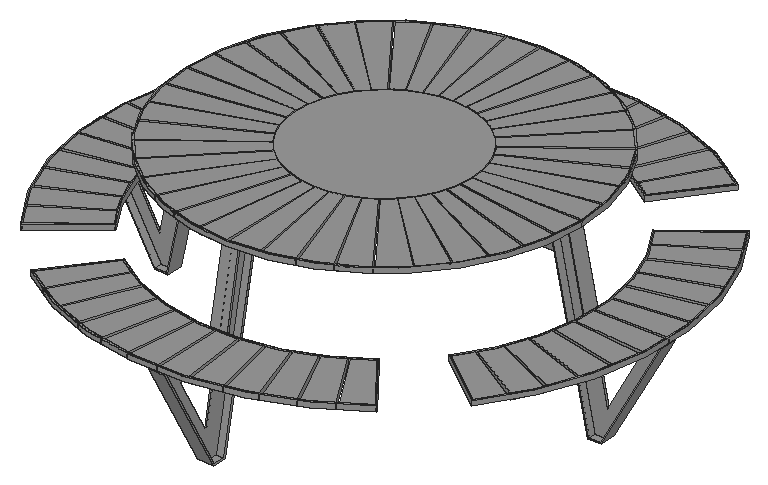
Revit family "Комплект мебели «Ландау» Арт 13994", category Антураж, Revit 2018
Family settings
  На основе рабочей плоскости = Нет
  Всегда вертикально = Да
  При загрузке вырезать с полостями = Нет
  Источник визуального образа = Геометрия семейства
  Общий = Нет
  Точка расчета площади = Нет
Parameters (values of type "Комплект мебели «Ландау»")
  Ширина лавки = 300 mm  # constant formula
  Ширина = 2280 mm  # constant formula
  Цвет отделки = Дерево
  Цвет каркаса = Сталь
  Описание = "Комплект мебели «Ландау»"  # constant formula
  Материал изделия = "Сталь, дерево"  # constant formula
  Изображение типоразмера = Комплект мебели «Ландау» Арт 13994.jpg
  Изготовитель = "ООО «Хоббика»"  # constant formula
  Длина = 2280 mm  # constant formula
  Диаметр стола = 1585 mm  # constant formula
  Диаметр лавки = 2280 mm  # constant formula
  Группа модели = "Садовая и дачная мебель"  # constant formula
  Высота лавки = 450 mm  # constant formula
  Высота = 750 mm  # constant formula
  Артикул товара = "Арт. 13994"  # constant formula
  URL = "https://hobbyka.ru/product/komplekt_mebeli_landau/"
Reference planes
  plane 1 "По центру (Вперед/Назад)": y = 0
  plane 2: z = 0
  plane 3 "По центру (Влево/Вправо)": x = 0
  plane 4: y = 2280
  plane 5: z = 750
  plane 6: x = 2280
Forms (mm)
  Extrusion 1, solid, material "Сталь" <- "Цвет каркаса"
    sketch origin (0, 0, 0) x (1, 0, 0) y (0, 1, 0)
      loop
        circle (1140, 1140) r 792.5
      loop
        circle (1140, 1140) r 787.5
      loop
        circle (1140, 1140) r 350
    from 730 to 750
  Extrusion 2, solid, material "Дерево" <- "Цвет отделки"
    sketch origin (0, 0, 0) x (1, 0, 0) y (0, 1, 0)
      loop
        arc (790, 1140) -> (790.933, 1165.533) -> (793.725, 1190.93) r 350
        line (793.725, 1190.93) -> (360.882, 1254.592)
        arc (360.882, 1254.592) -> (354.598, 1197.449) -> (352.5, 1140) r 787.5
        line (352.5, 1140) -> (790, 1140)
      loop
        arc (794.295, 1194.664) -> (799.204, 1219.738) -> (805.929, 1244.387) r 350
        line (805.929, 1244.387) -> (388.341, 1374.871)
        arc (388.341, 1374.871) -> (373.209, 1319.411) -> (362.164, 1262.994) r 787.5
        line (362.164, 1262.994) -> (794.295, 1194.664)
    from 730 to 750
  Extrusion 3, solid, material "Дерево", not visible
    sketch origin (0, 0, 0) x (1, 0, 0) y (0, 1, 0)
      loop
        arc (790, 1140) -> (790.933, 1165.533) -> (793.725, 1190.93) r 350
        line (793.725, 1190.93) -> (360.882, 1254.592)
        arc (360.882, 1254.592) -> (354.598, 1197.449) -> (352.5, 1140) r 787.5
        line (352.5, 1140) -> (790, 1140)
      loop
        arc (794.295, 1194.664) -> (799.204, 1219.738) -> (805.929, 1244.387) r 350
        line (805.929, 1244.387) -> (388.341, 1374.871)
        arc (388.341, 1374.871) -> (373.209, 1319.411) -> (362.164, 1262.994) r 787.5
        line (362.164, 1262.994) -> (794.295, 1194.664)
    from 0 to 250
  Extrusion 4, solid, material "Дерево" <- "Цвет отделки"
    sketch origin (-296.111, 407.345, 0) x (0.951214, -0.308533, 0) y (0.308533, 0.951214, 0)
      loop
        arc (790, 1140) -> (790.933, 1165.533) -> (793.725, 1190.93) r 350
        line (793.725, 1190.93) -> (360.882, 1254.592)
        arc (360.882, 1254.592) -> (354.598, 1197.449) -> (352.5, 1140) r 787.5
        line (352.5, 1140) -> (790, 1140)
      loop
        arc (794.295, 1194.664) -> (799.204, 1219.738) -> (805.929, 1244.387) r 350
        line (805.929, 1244.387) -> (388.341, 1374.871)
        arc (388.341, 1374.871) -> (373.209, 1319.411) -> (362.164, 1262.994) r 787.5
        line (362.164, 1262.994) -> (794.295, 1194.664)
    from 730 to 750
  Extrusion 5, solid, material "Дерево" <- "Цвет отделки"
    sketch origin (-452.097, 886.177, 0) x (0.809614, -0.586962, 0) y (0.586962, 0.809614, 0)
      loop
        arc (790, 1140) -> (790.933, 1165.533) -> (793.725, 1190.93) r 350
        line (793.725, 1190.93) -> (360.882, 1254.592)
        arc (360.882, 1254.592) -> (354.598, 1197.449) -> (352.5, 1140) r 787.5
        line (352.5, 1140) -> (790, 1140)
      loop
        arc (794.295, 1194.664) -> (799.204, 1219.738) -> (805.929, 1244.387) r 350
        line (805.929, 1244.387) -> (388.341, 1374.871)
        arc (388.341, 1374.871) -> (373.209, 1319.411) -> (362.164, 1262.994) r 787.5
        line (362.164, 1262.994) -> (794.295, 1194.664)
    from 730 to 750
  Extrusion 6, solid, material "Дерево" <- "Цвет отделки"
    sketch origin (-452.737, 1389.775, 0) x (0.589019, -0.808119, 0) y (0.808119, 0.589019, 0)
      loop
        arc (790, 1140) -> (790.933, 1165.533) -> (793.725, 1190.93) r 350
        line (793.725, 1190.93) -> (360.882, 1254.592)
        arc (360.882, 1254.592) -> (354.598, 1197.449) -> (352.5, 1140) r 787.5
        line (352.5, 1140) -> (790, 1140)
      loop
        arc (794.295, 1194.664) -> (799.204, 1219.738) -> (805.929, 1244.387) r 350
        line (805.929, 1244.387) -> (388.341, 1374.871)
        arc (388.341, 1374.871) -> (373.209, 1319.411) -> (362.164, 1262.994) r 787.5
        line (362.164, 1262.994) -> (794.295, 1194.664)
    from 730 to 750
  Extrusion 7, solid, material "Дерево" <- "Цвет отделки"
    sketch origin (-297.969, 1869.002, 0) x (0.310951, -0.950426, 0) y (0.950426, 0.310951, 0)
      loop
        arc (790, 1140) -> (790.933, 1165.533) -> (793.725, 1190.93) r 350
        line (793.725, 1190.93) -> (360.882, 1254.592)
        arc (360.882, 1254.592) -> (354.598, 1197.449) -> (352.5, 1140) r 787.5
        line (352.5, 1140) -> (790, 1140)
      loop
        arc (794.295, 1194.664) -> (799.204, 1219.738) -> (805.929, 1244.387) r 350
        line (805.929, 1244.387) -> (388.341, 1374.871)
        arc (388.341, 1374.871) -> (373.209, 1319.411) -> (362.164, 1262.994) r 787.5
        line (362.164, 1262.994) -> (794.295, 1194.664)
    from 730 to 750
  Extrusion 8, solid, material "Дерево" <- "Цвет отделки"
    sketch origin (0, 2280, 0) x (0, -1, 0) y (1, 0, 0)
      loop
        arc (790, 1140) -> (790.933, 1165.533) -> (793.725, 1190.93) r 350
        line (793.725, 1190.93) -> (360.882, 1254.592)
        arc (360.882, 1254.592) -> (354.598, 1197.449) -> (352.5, 1140) r 787.5
        line (352.5, 1140) -> (790, 1140)
      loop
        arc (794.295, 1194.664) -> (799.204, 1219.738) -> (805.929, 1244.387) r 350
        line (805.929, 1244.387) -> (388.341, 1374.871)
        arc (388.341, 1374.871) -> (373.209, 1319.411) -> (362.164, 1262.994) r 787.5
        line (362.164, 1262.994) -> (794.295, 1194.664)
    from 730 to 750
  Extrusion 9, solid, material "Дерево" <- "Цвет отделки"
    sketch origin (407.345, 2576.111, 0) x (-0.308533, -0.951214, 0) y (0.951214, -0.308533, 0)
      loop
        arc (790, 1140) -> (790.933, 1165.533) -> (793.725, 1190.93) r 350
        line (793.725, 1190.93) -> (360.882, 1254.592)
        arc (360.882, 1254.592) -> (354.598, 1197.449) -> (352.5, 1140) r 787.5
        line (352.5, 1140) -> (790, 1140)
      loop
        arc (794.295, 1194.664) -> (799.204, 1219.738) -> (805.929, 1244.387) r 350
        line (805.929, 1244.387) -> (388.341, 1374.871)
        arc (388.341, 1374.871) -> (373.209, 1319.411) -> (362.164, 1262.994) r 787.5
        line (362.164, 1262.994) -> (794.295, 1194.664)
    from 730 to 750
  Extrusion 10, solid, material "Дерево" <- "Цвет отделки"
    sketch origin (886.177, 2732.097, 0) x (-0.586962, -0.809614, 0) y (0.809614, -0.586962, 0)
      loop
        arc (790, 1140) -> (790.933, 1165.533) -> (793.725, 1190.93) r 350
        line (793.725, 1190.93) -> (360.882, 1254.592)
        arc (360.882, 1254.592) -> (354.598, 1197.449) -> (352.5, 1140) r 787.5
        line (352.5, 1140) -> (790, 1140)
      loop
        arc (794.295, 1194.664) -> (799.204, 1219.738) -> (805.929, 1244.387) r 350
        line (805.929, 1244.387) -> (388.341, 1374.871)
        arc (388.341, 1374.871) -> (373.209, 1319.411) -> (362.164, 1262.994) r 787.5
        line (362.164, 1262.994) -> (794.295, 1194.664)
    from 730 to 750
  Extrusion 11, solid, material "Дерево" <- "Цвет отделки"
    sketch origin (1389.775, 2732.737, 0) x (-0.808119, -0.589019, 0) y (0.589019, -0.808119, 0)
      loop
        arc (790, 1140) -> (790.933, 1165.533) -> (793.725, 1190.93) r 350
        line (793.725, 1190.93) -> (360.882, 1254.592)
        arc (360.882, 1254.592) -> (354.598, 1197.449) -> (352.5, 1140) r 787.5
        line (352.5, 1140) -> (790, 1140)
      loop
        arc (794.295, 1194.664) -> (799.204, 1219.738) -> (805.929, 1244.387) r 350
        line (805.929, 1244.387) -> (388.341, 1374.871)
        arc (388.341, 1374.871) -> (373.209, 1319.411) -> (362.164, 1262.994) r 787.5
        line (362.164, 1262.994) -> (794.295, 1194.664)
    from 730 to 750
  Extrusion 12, solid, material "Дерево" <- "Цвет отделки"
    sketch origin (1869.002, 2577.969, 0) x (-0.950426, -0.310951, 0) y (0.310951, -0.950426, 0)
      loop
        arc (790, 1140) -> (790.933, 1165.533) -> (793.725, 1190.93) r 350
        line (793.725, 1190.93) -> (360.882, 1254.592)
        arc (360.882, 1254.592) -> (354.598, 1197.449) -> (352.5, 1140) r 787.5
        line (352.5, 1140) -> (790, 1140)
      loop
        arc (794.295, 1194.664) -> (799.204, 1219.738) -> (805.929, 1244.387) r 350
        line (805.929, 1244.387) -> (388.341, 1374.871)
        arc (388.341, 1374.871) -> (373.209, 1319.411) -> (362.164, 1262.994) r 787.5
        line (362.164, 1262.994) -> (794.295, 1194.664)
    from 730 to 750
  Extrusion 13, solid, material "Дерево" <- "Цвет отделки"
    sketch origin (2280, 2280, 0) x (-1, 0, 0) y (0, -1, 0)
      loop
        arc (790, 1140) -> (790.933, 1165.533) -> (793.725, 1190.93) r 350
        line (793.725, 1190.93) -> (360.882, 1254.592)
        arc (360.882, 1254.592) -> (354.598, 1197.449) -> (352.5, 1140) r 787.5
        line (352.5, 1140) -> (790, 1140)
      loop
        arc (794.295, 1194.664) -> (799.204, 1219.738) -> (805.929, 1244.387) r 350
        line (805.929, 1244.387) -> (388.341, 1374.871)
        arc (388.341, 1374.871) -> (373.209, 1319.411) -> (362.164, 1262.994) r 787.5
        line (362.164, 1262.994) -> (794.295, 1194.664)
    from 730 to 750
  Extrusion 14, solid, material "Дерево" <- "Цвет отделки"
    sketch origin (2576.111, 1872.655, 0) x (-0.951214, 0.308533, 0) y (-0.308533, -0.951214, 0)
      loop
        arc (790, 1140) -> (790.933, 1165.533) -> (793.725, 1190.93) r 350
        line (793.725, 1190.93) -> (360.882, 1254.592)
        arc (360.882, 1254.592) -> (354.598, 1197.449) -> (352.5, 1140) r 787.5
        line (352.5, 1140) -> (790, 1140)
      loop
        arc (794.295, 1194.664) -> (799.204, 1219.738) -> (805.929, 1244.387) r 350
        line (805.929, 1244.387) -> (388.341, 1374.871)
        arc (388.341, 1374.871) -> (373.209, 1319.411) -> (362.164, 1262.994) r 787.5
        line (362.164, 1262.994) -> (794.295, 1194.664)
    from 730 to 750
  Extrusion 15, solid, material "Дерево" <- "Цвет отделки"
    sketch origin (2732.097, 1393.823, 0) x (-0.809614, 0.586962, 0) y (-0.586962, -0.809614, 0)
      loop
        arc (790, 1140) -> (790.933, 1165.533) -> (793.725, 1190.93) r 350
        line (793.725, 1190.93) -> (360.882, 1254.592)
        arc (360.882, 1254.592) -> (354.598, 1197.449) -> (352.5, 1140) r 787.5
        line (352.5, 1140) -> (790, 1140)
      loop
        arc (794.295, 1194.664) -> (799.204, 1219.738) -> (805.929, 1244.387) r 350
        line (805.929, 1244.387) -> (388.341, 1374.871)
        arc (388.341, 1374.871) -> (373.209, 1319.411) -> (362.164, 1262.994) r 787.5
        line (362.164, 1262.994) -> (794.295, 1194.664)
    from 730 to 750
  Extrusion 16, solid, material "Дерево" <- "Цвет отделки"
    sketch origin (2732.737, 890.225, 0) x (-0.589019, 0.808119, 0) y (-0.808119, -0.589019, 0)
      loop
        arc (790, 1140) -> (790.933, 1165.533) -> (793.725, 1190.93) r 350
        line (793.725, 1190.93) -> (360.882, 1254.592)
        arc (360.882, 1254.592) -> (354.598, 1197.449) -> (352.5, 1140) r 787.5
        line (352.5, 1140) -> (790, 1140)
      loop
        arc (794.295, 1194.664) -> (799.204, 1219.738) -> (805.929, 1244.387) r 350
        line (805.929, 1244.387) -> (388.341, 1374.871)
        arc (388.341, 1374.871) -> (373.209, 1319.411) -> (362.164, 1262.994) r 787.5
        line (362.164, 1262.994) -> (794.295, 1194.664)
    from 730 to 750
  Extrusion 17, solid, material "Дерево" <- "Цвет отделки"
    sketch origin (2577.969, 410.998, 0) x (-0.310951, 0.950426, 0) y (-0.950426, -0.310951, 0)
      loop
        arc (790, 1140) -> (790.933, 1165.533) -> (793.725, 1190.93) r 350
        line (793.725, 1190.93) -> (360.882, 1254.592)
        arc (360.882, 1254.592) -> (354.598, 1197.449) -> (352.5, 1140) r 787.5
        line (352.5, 1140) -> (790, 1140)
      loop
        arc (794.295, 1194.664) -> (799.204, 1219.738) -> (805.929, 1244.387) r 350
        line (805.929, 1244.387) -> (388.341, 1374.871)
        arc (388.341, 1374.871) -> (373.209, 1319.411) -> (362.164, 1262.994) r 787.5
        line (362.164, 1262.994) -> (794.295, 1194.664)
    from 730 to 750
  Extrusion 18, solid, material "Дерево" <- "Цвет отделки"
    sketch origin (2280, 0, 0) x (0, 1, 0) y (-1, 0, 0)
      loop
        arc (790, 1140) -> (790.933, 1165.533) -> (793.725, 1190.93) r 350
        line (793.725, 1190.93) -> (360.882, 1254.592)
        arc (360.882, 1254.592) -> (354.598, 1197.449) -> (352.5, 1140) r 787.5
        line (352.5, 1140) -> (790, 1140)
      loop
        arc (794.295, 1194.664) -> (799.204, 1219.738) -> (805.929, 1244.387) r 350
        line (805.929, 1244.387) -> (388.341, 1374.871)
        arc (388.341, 1374.871) -> (373.209, 1319.411) -> (362.164, 1262.994) r 787.5
        line (362.164, 1262.994) -> (794.295, 1194.664)
    from 730 to 750
  Extrusion 19, solid, material "Дерево" <- "Цвет отделки"
    sketch origin (1872.655, -296.111, 0) x (0.308533, 0.951214, 0) y (-0.951214, 0.308533, 0)
      loop
        arc (790, 1140) -> (790.933, 1165.533) -> (793.725, 1190.93) r 350
        line (793.725, 1190.93) -> (360.882, 1254.592)
        arc (360.882, 1254.592) -> (354.598, 1197.449) -> (352.5, 1140) r 787.5
        line (352.5, 1140) -> (790, 1140)
      loop
        arc (794.295, 1194.664) -> (799.204, 1219.738) -> (805.929, 1244.387) r 350
        line (805.929, 1244.387) -> (388.341, 1374.871)
        arc (388.341, 1374.871) -> (373.209, 1319.411) -> (362.164, 1262.994) r 787.5
        line (362.164, 1262.994) -> (794.295, 1194.664)
    from 730 to 750
  Extrusion 20, solid, material "Дерево" <- "Цвет отделки"
    sketch origin (1393.823, -452.097, 0) x (0.586962, 0.809614, 0) y (-0.809614, 0.586962, 0)
      loop
        arc (790, 1140) -> (790.933, 1165.533) -> (793.725, 1190.93) r 350
        line (793.725, 1190.93) -> (360.882, 1254.592)
        arc (360.882, 1254.592) -> (354.598, 1197.449) -> (352.5, 1140) r 787.5
        line (352.5, 1140) -> (790, 1140)
      loop
        arc (794.295, 1194.664) -> (799.204, 1219.738) -> (805.929, 1244.387) r 350
        line (805.929, 1244.387) -> (388.341, 1374.871)
        arc (388.341, 1374.871) -> (373.209, 1319.411) -> (362.164, 1262.994) r 787.5
        line (362.164, 1262.994) -> (794.295, 1194.664)
    from 730 to 750
  Extrusion 21, solid, material "Дерево" <- "Цвет отделки"
    sketch origin (890.225, -452.737, 0) x (0.808119, 0.589019, 0) y (-0.589019, 0.808119, 0)
      loop
        arc (790, 1140) -> (790.933, 1165.533) -> (793.725, 1190.93) r 350
        line (793.725, 1190.93) -> (360.882, 1254.592)
        arc (360.882, 1254.592) -> (354.598, 1197.449) -> (352.5, 1140) r 787.5
        line (352.5, 1140) -> (790, 1140)
      loop
        arc (794.295, 1194.664) -> (799.204, 1219.738) -> (805.929, 1244.387) r 350
        line (805.929, 1244.387) -> (388.341, 1374.871)
        arc (388.341, 1374.871) -> (373.209, 1319.411) -> (362.164, 1262.994) r 787.5
        line (362.164, 1262.994) -> (794.295, 1194.664)
    from 730 to 750
  Extrusion 22, solid, material "Дерево" <- "Цвет отделки"
    sketch origin (410.998, -297.969, 0) x (0.950426, 0.310951, 0) y (-0.310951, 0.950426, 0)
      loop
        arc (790, 1140) -> (790.933, 1165.533) -> (793.725, 1190.93) r 350
        line (793.725, 1190.93) -> (360.882, 1254.592)
        arc (360.882, 1254.592) -> (354.598, 1197.449) -> (352.5, 1140) r 787.5
        line (352.5, 1140) -> (790, 1140)
      loop
        arc (794.295, 1194.664) -> (799.204, 1219.738) -> (805.929, 1244.387) r 350
        line (805.929, 1244.387) -> (388.341, 1374.871)
        arc (388.341, 1374.871) -> (373.209, 1319.411) -> (362.164, 1262.994) r 787.5
        line (362.164, 1262.994) -> (794.295, 1194.664)
    from 730 to 750
  Extrusion 23, solid, material "Сталь" <- "Цвет каркаса"
    sketch origin (0, 0, 0) x (0, 1, 0) y (0, 0, 1)
      loop
        line (1140, 730) -> (1140, 695.119) -> (1851.807, 632.844) -> (1985.26, 5) -> (2033.298, 5) -> (2274.252, 430) -> (1966.487, 430) -> (1902.72, 730) -> (1140, 730)
      loop
        line (1989.712, 344.786) -> (2038.454, 115.472) -> (2168.463, 344.786) -> (1989.712, 344.786)
    from 1137.5 to 1142.5
  Extrusion 24, solid, material "Сталь" <- "Цвет каркаса"
    sketch origin (0, 0, 0) x (0, 1, 0) y (0, 0, 1)
      loop
        line (2280, 430) -> (2274.252, 430) -> (2033.298, 5) -> (1985.26, 5) -> (1831.156, 730) -> (1826.045, 730) -> (1981.211, 0) -> (2036.211, 0) -> (2280, 430)
      loop
        line (1907.832, 730) -> (1902.72, 730) -> (1966.487, 430) -> (1971.599, 430) -> (1907.832, 730)
    from 1107.5 to 1172.5
  Extrusion 25, solid, material "Сталь" <- "Цвет каркаса"
    sketch origin (0, 0, 0) x (1, 0, 0) y (0, 1, 0)
      loop
        arc (1833.988, 2044.423) -> (1140, 2280) -> (446.012, 2044.423) r 1140
        line (446.012, 2044.423) -> (628.64, 1806.417)
        arc (628.64, 1806.417) -> (1140, 1980) -> (1651.36, 1806.417) r 840
        line (1651.36, 1806.417) -> (1833.988, 2044.423)
      loop
        arc (1826.971, 2043.491) -> (1140, 2275) -> (453.029, 2043.491) r 1135
        line (453.029, 2043.491) -> (629.572, 1813.416)
        arc (629.572, 1813.416) -> (1140, 1985) -> (1650.428, 1813.416) r 845
        line (1650.428, 1813.416) -> (1826.971, 2043.491)
    from 430 to 450
  Extrusion 26, solid, material "Дерево" <- "Цвет отделки"
    sketch origin (0, 0, 0) x (1, 0, 0) y (0, 1, 0)
      loop
        line (453.029, 2043.491) -> (629.572, 1813.416)
        arc (629.572, 1813.416) -> (663.406, 1837.77) -> (698.399, 1860.426) r 845
        line (698.399, 1860.426) -> (545.382, 2106.775)
        arc (545.382, 2106.775) -> (498.425, 2076.272) -> (453.029, 2043.491) r 1135
      loop
        arc (705.983, 1865.02) -> (742.269, 1885.543) -> (779.522, 1904.252) r 845
        line (779.522, 1904.252) -> (654.257, 2165.806)
        arc (654.257, 2165.806) -> (604.256, 2140.601) -> (555.559, 2112.961) r 1135
        line (555.559, 2112.961) -> (705.983, 1865.02)
      loop
        arc (787.562, 1907.992) -> (825.867, 1924.44) -> (864.938, 1938.978) r 845
        line (864.938, 1938.978) -> (768.915, 2212.623)
        arc (768.915, 2212.623) -> (716.466, 2193.017) -> (665.047, 2170.847) r 1135
        line (665.047, 2170.847) -> (787.562, 1907.992)
      loop
        arc (873.336, 1941.82) -> (913.206, 1953.996) -> (953.628, 1964.191) r 845
        line (953.628, 1964.191) -> (887.992, 2246.669)
        arc (887.992, 2246.669) -> (833.719, 2232.894) -> (780.191, 2216.458) r 1135
        line (780.191, 2216.458) -> (873.336, 1941.82)
      loop
        arc (962.286, 1966.101) -> (1003.245, 1973.86) -> (1044.537, 1979.59) r 845
        line (1044.537, 1979.59) -> (1010.07, 2267.539)
        arc (1010.07, 2267.539) -> (954.619, 2259.758) -> (899.619, 2249.253) r 1135
        line (899.619, 2249.253) -> (962.286, 1966.101)
      loop
        arc (1053.352, 1980.546) -> (1094.913, 1983.796) -> (1136.583, 1984.993) r 845
        line (1136.583, 1984.993) -> (1133.694, 2274.982)
        arc (1133.694, 2274.982) -> (1077.726, 2273.29) -> (1021.908, 2268.84) r 1135
        line (1021.908, 2268.84) -> (1053.352, 1980.546)
      loop
        arc (1145.45, 1984.982) -> (1187.117, 1983.685) -> (1228.67, 1980.335) r 845
        line (1228.67, 1980.335) -> (1257.394, 2268.913)
        arc (1257.394, 2268.913) -> (1201.574, 2273.329) -> (1145.604, 2274.986) r 1135
        line (1145.604, 2274.986) -> (1145.45, 1984.982)
      loop
        arc (1237.483, 1979.358) -> (1278.76, 1973.529) -> (1319.7, 1965.671) r 845
        line (1319.7, 1965.671) -> (1379.696, 2249.401)
        arc (1379.696, 2249.401) -> (1324.689, 2259.873) -> (1269.233, 2267.619) r 1135
        line (1269.233, 2267.619) -> (1237.483, 1979.358)
      loop
        arc (1328.355, 1963.74) -> (1368.751, 1953.448) -> (1408.592, 1941.176) r 845
        line (1408.592, 1941.176) -> (1499.144, 2216.68)
        arc (1499.144, 2216.68) -> (1445.606, 2233.083) -> (1391.324, 2246.825) r 1135
        line (1391.324, 2246.825) -> (1328.355, 1963.74)
      loop
        arc (1416.984, 1938.314) -> (1456.019, 1923.682) -> (1494.285, 1907.142) r 845
        line (1494.285, 1907.142) -> (1614.315, 2171.14)
        arc (1614.315, 2171.14) -> (1562.883, 2193.278) -> (1510.422, 2212.853) r 1135
        line (1510.422, 2212.853) -> (1416.984, 1938.314)
      loop
        arc (1502.315, 1903.382) -> (1539.524, 1884.584) -> (1575.76, 1863.974) r 845
        line (1575.76, 1863.974) -> (1723.84, 2113.322)
        arc (1723.84, 2113.322) -> (1675.126, 2140.932) -> (1625.109, 2166.106) r 1135
        line (1625.109, 2166.106) -> (1502.315, 1903.382)
      loop
        arc (1583.333, 1859.362) -> (1617.433, 1837.196) -> (1650.428, 1813.416) r 845
        line (1650.428, 1813.416) -> (1826.971, 2043.491)
        arc (1826.971, 2043.491) -> (1781.286, 2076.471) -> (1734.021, 2107.142) r 1135
        line (1734.021, 2107.142) -> (1583.333, 1859.362)
    from 430 to 450
  Extrusion 27, solid, material "Сталь" <- "Цвет каркаса"
    sketch origin (2280, 2280, 0) x (0, -1, 0) y (0, 0, 1)
      loop
        line (1140, 730) -> (1140, 695.119) -> (1851.807, 632.844) -> (1985.26, 5) -> (2033.298, 5) -> (2274.252, 430) -> (1966.487, 430) -> (1902.72, 730) -> (1140, 730)
      loop
        line (1989.712, 344.786) -> (2038.454, 115.472) -> (2168.463, 344.786) -> (1989.712, 344.786)
    from 1137.5 to 1142.5
  Extrusion 28, solid, material "Сталь" <- "Цвет каркаса"
    sketch origin (2280, 2280, 0) x (0, -1, 0) y (0, 0, 1)
      loop
        line (2280, 430) -> (2274.252, 430) -> (2033.298, 5) -> (1985.26, 5) -> (1831.156, 730) -> (1826.045, 730) -> (1981.211, 0) -> (2036.211, 0) -> (2280, 430)
      loop
        line (1907.832, 730) -> (1902.72, 730) -> (1966.487, 430) -> (1971.599, 430) -> (1907.832, 730)
    from 1107.5 to 1172.5
  Extrusion 29, solid, material "Сталь" <- "Цвет каркаса"
    sketch origin (2280, 2280, 0) x (-1, 0, 0) y (0, -1, 0)
      loop
        arc (1833.988, 2044.423) -> (1140, 2280) -> (446.012, 2044.423) r 1140
        line (446.012, 2044.423) -> (628.64, 1806.417)
        arc (628.64, 1806.417) -> (1140, 1980) -> (1651.36, 1806.417) r 840
        line (1651.36, 1806.417) -> (1833.988, 2044.423)
      loop
        arc (1826.971, 2043.491) -> (1140, 2275) -> (453.029, 2043.491) r 1135
        line (453.029, 2043.491) -> (629.572, 1813.416)
        arc (629.572, 1813.416) -> (1140, 1985) -> (1650.428, 1813.416) r 845
        line (1650.428, 1813.416) -> (1826.971, 2043.491)
    from 430 to 450
  Extrusion 30, solid, material "Дерево" <- "Цвет отделки"
    sketch origin (2280, 2280, 0) x (-1, 0, 0) y (0, -1, 0)
      loop
        line (453.029, 2043.491) -> (629.572, 1813.416)
        arc (629.572, 1813.416) -> (663.406, 1837.77) -> (698.399, 1860.426) r 845
        line (698.399, 1860.426) -> (545.382, 2106.775)
        arc (545.382, 2106.775) -> (498.425, 2076.272) -> (453.029, 2043.491) r 1135
      loop
        arc (705.983, 1865.02) -> (742.269, 1885.543) -> (779.522, 1904.252) r 845
        line (779.522, 1904.252) -> (654.257, 2165.806)
        arc (654.257, 2165.806) -> (604.256, 2140.601) -> (555.559, 2112.961) r 1135
        line (555.559, 2112.961) -> (705.983, 1865.02)
      loop
        arc (787.562, 1907.992) -> (825.867, 1924.44) -> (864.938, 1938.978) r 845
        line (864.938, 1938.978) -> (768.915, 2212.623)
        arc (768.915, 2212.623) -> (716.466, 2193.017) -> (665.047, 2170.847) r 1135
        line (665.047, 2170.847) -> (787.562, 1907.992)
      loop
        arc (873.336, 1941.82) -> (913.206, 1953.996) -> (953.628, 1964.191) r 845
        line (953.628, 1964.191) -> (887.992, 2246.669)
        arc (887.992, 2246.669) -> (833.719, 2232.894) -> (780.191, 2216.458) r 1135
        line (780.191, 2216.458) -> (873.336, 1941.82)
      loop
        arc (962.286, 1966.101) -> (1003.245, 1973.86) -> (1044.537, 1979.59) r 845
        line (1044.537, 1979.59) -> (1010.07, 2267.539)
        arc (1010.07, 2267.539) -> (954.619, 2259.758) -> (899.619, 2249.253) r 1135
        line (899.619, 2249.253) -> (962.286, 1966.101)
      loop
        arc (1053.352, 1980.546) -> (1094.913, 1983.796) -> (1136.583, 1984.993) r 845
        line (1136.583, 1984.993) -> (1133.694, 2274.982)
        arc (1133.694, 2274.982) -> (1077.726, 2273.29) -> (1021.908, 2268.84) r 1135
        line (1021.908, 2268.84) -> (1053.352, 1980.546)
      loop
        arc (1145.45, 1984.982) -> (1187.117, 1983.685) -> (1228.67, 1980.335) r 845
        line (1228.67, 1980.335) -> (1257.394, 2268.913)
        arc (1257.394, 2268.913) -> (1201.574, 2273.329) -> (1145.604, 2274.986) r 1135
        line (1145.604, 2274.986) -> (1145.45, 1984.982)
      loop
        arc (1237.483, 1979.358) -> (1278.76, 1973.529) -> (1319.7, 1965.671) r 845
        line (1319.7, 1965.671) -> (1379.696, 2249.401)
        arc (1379.696, 2249.401) -> (1324.689, 2259.873) -> (1269.233, 2267.619) r 1135
        line (1269.233, 2267.619) -> (1237.483, 1979.358)
      loop
        arc (1328.355, 1963.74) -> (1368.751, 1953.448) -> (1408.592, 1941.176) r 845
        line (1408.592, 1941.176) -> (1499.144, 2216.68)
        arc (1499.144, 2216.68) -> (1445.606, 2233.083) -> (1391.324, 2246.825) r 1135
        line (1391.324, 2246.825) -> (1328.355, 1963.74)
      loop
        arc (1416.984, 1938.314) -> (1456.019, 1923.682) -> (1494.285, 1907.142) r 845
        line (1494.285, 1907.142) -> (1614.315, 2171.14)
        arc (1614.315, 2171.14) -> (1562.883, 2193.278) -> (1510.422, 2212.853) r 1135
        line (1510.422, 2212.853) -> (1416.984, 1938.314)
      loop
        arc (1502.315, 1903.382) -> (1539.524, 1884.584) -> (1575.76, 1863.974) r 845
        line (1575.76, 1863.974) -> (1723.84, 2113.322)
        arc (1723.84, 2113.322) -> (1675.126, 2140.932) -> (1625.109, 2166.106) r 1135
        line (1625.109, 2166.106) -> (1502.315, 1903.382)
      loop
        arc (1583.333, 1859.362) -> (1617.433, 1837.196) -> (1650.428, 1813.416) r 845
        line (1650.428, 1813.416) -> (1826.971, 2043.491)
        arc (1826.971, 2043.491) -> (1781.286, 2076.471) -> (1734.021, 2107.142) r 1135
        line (1734.021, 2107.142) -> (1583.333, 1859.362)
    from 430 to 450
  Extrusion 31, solid, material "Сталь" <- "Цвет каркаса"
    sketch origin (0, 2280, 0) x (1, 0, 0) y (0, 0, 1)
      loop
        line (1140, 730) -> (1140, 695.119) -> (1851.807, 632.844) -> (1985.26, 5) -> (2033.298, 5) -> (2274.252, 430) -> (1966.487, 430) -> (1902.72, 730) -> (1140, 730)
      loop
        line (1989.712, 344.786) -> (2038.454, 115.472) -> (2168.463, 344.786) -> (1989.712, 344.786)
    from 1137.5 to 1142.5
  Extrusion 32, solid, material "Сталь" <- "Цвет каркаса"
    sketch origin (0, 2280, 0) x (1, 0, 0) y (0, 0, 1)
      loop
        line (2280, 430) -> (2274.252, 430) -> (2033.298, 5) -> (1985.26, 5) -> (1831.156, 730) -> (1826.045, 730) -> (1981.211, 0) -> (2036.211, 0) -> (2280, 430)
      loop
        line (1907.832, 730) -> (1902.72, 730) -> (1966.487, 430) -> (1971.599, 430) -> (1907.832, 730)
    from 1107.5 to 1172.5
  Extrusion 33, solid, material "Сталь" <- "Цвет каркаса"
    sketch origin (0, 2280, 0) x (0, -1, 0) y (1, 0, 0)
      loop
        arc (1833.988, 2044.423) -> (1140, 2280) -> (446.012, 2044.423) r 1140
        line (446.012, 2044.423) -> (628.64, 1806.417)
        arc (628.64, 1806.417) -> (1140, 1980) -> (1651.36, 1806.417) r 840
        line (1651.36, 1806.417) -> (1833.988, 2044.423)
      loop
        arc (1826.971, 2043.491) -> (1140, 2275) -> (453.029, 2043.491) r 1135
        line (453.029, 2043.491) -> (629.572, 1813.416)
        arc (629.572, 1813.416) -> (1140, 1985) -> (1650.428, 1813.416) r 845
        line (1650.428, 1813.416) -> (1826.971, 2043.491)
    from 430 to 450
  Extrusion 34, solid, material "Дерево" <- "Цвет отделки"
    sketch origin (0, 2280, 0) x (0, -1, 0) y (1, 0, 0)
      loop
        line (453.029, 2043.491) -> (629.572, 1813.416)
        arc (629.572, 1813.416) -> (663.406, 1837.77) -> (698.399, 1860.426) r 845
        line (698.399, 1860.426) -> (545.382, 2106.775)
        arc (545.382, 2106.775) -> (498.425, 2076.272) -> (453.029, 2043.491) r 1135
      loop
        arc (705.983, 1865.02) -> (742.269, 1885.543) -> (779.522, 1904.252) r 845
        line (779.522, 1904.252) -> (654.257, 2165.806)
        arc (654.257, 2165.806) -> (604.256, 2140.601) -> (555.559, 2112.961) r 1135
        line (555.559, 2112.961) -> (705.983, 1865.02)
      loop
        arc (787.562, 1907.992) -> (825.867, 1924.44) -> (864.938, 1938.978) r 845
        line (864.938, 1938.978) -> (768.915, 2212.623)
        arc (768.915, 2212.623) -> (716.466, 2193.017) -> (665.047, 2170.847) r 1135
        line (665.047, 2170.847) -> (787.562, 1907.992)
      loop
        arc (873.336, 1941.82) -> (913.206, 1953.996) -> (953.628, 1964.191) r 845
        line (953.628, 1964.191) -> (887.992, 2246.669)
        arc (887.992, 2246.669) -> (833.719, 2232.894) -> (780.191, 2216.458) r 1135
        line (780.191, 2216.458) -> (873.336, 1941.82)
      loop
        arc (962.286, 1966.101) -> (1003.245, 1973.86) -> (1044.537, 1979.59) r 845
        line (1044.537, 1979.59) -> (1010.07, 2267.539)
        arc (1010.07, 2267.539) -> (954.619, 2259.758) -> (899.619, 2249.253) r 1135
        line (899.619, 2249.253) -> (962.286, 1966.101)
      loop
        arc (1053.352, 1980.546) -> (1094.913, 1983.796) -> (1136.583, 1984.993) r 845
        line (1136.583, 1984.993) -> (1133.694, 2274.982)
        arc (1133.694, 2274.982) -> (1077.726, 2273.29) -> (1021.908, 2268.84) r 1135
        line (1021.908, 2268.84) -> (1053.352, 1980.546)
      loop
        arc (1145.45, 1984.982) -> (1187.117, 1983.685) -> (1228.67, 1980.335) r 845
        line (1228.67, 1980.335) -> (1257.394, 2268.913)
        arc (1257.394, 2268.913) -> (1201.574, 2273.329) -> (1145.604, 2274.986) r 1135
        line (1145.604, 2274.986) -> (1145.45, 1984.982)
      loop
        arc (1237.483, 1979.358) -> (1278.76, 1973.529) -> (1319.7, 1965.671) r 845
        line (1319.7, 1965.671) -> (1379.696, 2249.401)
        arc (1379.696, 2249.401) -> (1324.689, 2259.873) -> (1269.233, 2267.619) r 1135
        line (1269.233, 2267.619) -> (1237.483, 1979.358)
      loop
        arc (1328.355, 1963.74) -> (1368.751, 1953.448) -> (1408.592, 1941.176) r 845
        line (1408.592, 1941.176) -> (1499.144, 2216.68)
        arc (1499.144, 2216.68) -> (1445.606, 2233.083) -> (1391.324, 2246.825) r 1135
        line (1391.324, 2246.825) -> (1328.355, 1963.74)
      loop
        arc (1416.984, 1938.314) -> (1456.019, 1923.682) -> (1494.285, 1907.142) r 845
        line (1494.285, 1907.142) -> (1614.315, 2171.14)
        arc (1614.315, 2171.14) -> (1562.883, 2193.278) -> (1510.422, 2212.853) r 1135
        line (1510.422, 2212.853) -> (1416.984, 1938.314)
      loop
        arc (1502.315, 1903.382) -> (1539.524, 1884.584) -> (1575.76, 1863.974) r 845
        line (1575.76, 1863.974) -> (1723.84, 2113.322)
        arc (1723.84, 2113.322) -> (1675.126, 2140.932) -> (1625.109, 2166.106) r 1135
        line (1625.109, 2166.106) -> (1502.315, 1903.382)
      loop
        arc (1583.333, 1859.362) -> (1617.433, 1837.196) -> (1650.428, 1813.416) r 845
        line (1650.428, 1813.416) -> (1826.971, 2043.491)
        arc (1826.971, 2043.491) -> (1781.286, 2076.471) -> (1734.021, 2107.142) r 1135
        line (1734.021, 2107.142) -> (1583.333, 1859.362)
    from 430 to 450
  Extrusion 35, solid, material "Сталь" <- "Цвет каркаса"
    sketch origin (2280, 0, 0) x (-1, 0, 0) y (0, 0, 1)
      loop
        line (1140, 730) -> (1140, 695.119) -> (1851.807, 632.844) -> (1985.26, 5) -> (2033.298, 5) -> (2274.252, 430) -> (1966.487, 430) -> (1902.72, 730) -> (1140, 730)
      loop
        line (1989.712, 344.786) -> (2038.454, 115.472) -> (2168.463, 344.786) -> (1989.712, 344.786)
    from 1137.5 to 1142.5
  Extrusion 36, solid, material "Сталь" <- "Цвет каркаса"
    sketch origin (2280, 0, 0) x (-1, 0, 0) y (0, 0, 1)
      loop
        line (2280, 430) -> (2274.252, 430) -> (2033.298, 5) -> (1985.26, 5) -> (1831.156, 730) -> (1826.045, 730) -> (1981.211, 0) -> (2036.211, 0) -> (2280, 430)
      loop
        line (1907.832, 730) -> (1902.72, 730) -> (1966.487, 430) -> (1971.599, 430) -> (1907.832, 730)
    from 1107.5 to 1172.5
  Extrusion 37, solid, material "Сталь" <- "Цвет каркаса"
    sketch origin (2280, 0, 0) x (0, 1, 0) y (-1, 0, 0)
      loop
        arc (1833.988, 2044.423) -> (1140, 2280) -> (446.012, 2044.423) r 1140
        line (446.012, 2044.423) -> (628.64, 1806.417)
        arc (628.64, 1806.417) -> (1140, 1980) -> (1651.36, 1806.417) r 840
        line (1651.36, 1806.417) -> (1833.988, 2044.423)
      loop
        arc (1826.971, 2043.491) -> (1140, 2275) -> (453.029, 2043.491) r 1135
        line (453.029, 2043.491) -> (629.572, 1813.416)
        arc (629.572, 1813.416) -> (1140, 1985) -> (1650.428, 1813.416) r 845
        line (1650.428, 1813.416) -> (1826.971, 2043.491)
    from 430 to 450
  Extrusion 38, solid, material "Дерево" <- "Цвет отделки"
    sketch origin (2280, 0, 0) x (0, 1, 0) y (-1, 0, 0)
      loop
        line (453.029, 2043.491) -> (629.572, 1813.416)
        arc (629.572, 1813.416) -> (663.406, 1837.77) -> (698.399, 1860.426) r 845
        line (698.399, 1860.426) -> (545.382, 2106.775)
        arc (545.382, 2106.775) -> (498.425, 2076.272) -> (453.029, 2043.491) r 1135
      loop
        arc (705.983, 1865.02) -> (742.269, 1885.543) -> (779.522, 1904.252) r 845
        line (779.522, 1904.252) -> (654.257, 2165.806)
        arc (654.257, 2165.806) -> (604.256, 2140.601) -> (555.559, 2112.961) r 1135
        line (555.559, 2112.961) -> (705.983, 1865.02)
      loop
        arc (787.562, 1907.992) -> (825.867, 1924.44) -> (864.938, 1938.978) r 845
        line (864.938, 1938.978) -> (768.915, 2212.623)
        arc (768.915, 2212.623) -> (716.466, 2193.017) -> (665.047, 2170.847) r 1135
        line (665.047, 2170.847) -> (787.562, 1907.992)
      loop
        arc (873.336, 1941.82) -> (913.206, 1953.996) -> (953.628, 1964.191) r 845
        line (953.628, 1964.191) -> (887.992, 2246.669)
        arc (887.992, 2246.669) -> (833.719, 2232.894) -> (780.191, 2216.458) r 1135
        line (780.191, 2216.458) -> (873.336, 1941.82)
      loop
        arc (962.286, 1966.101) -> (1003.245, 1973.86) -> (1044.537, 1979.59) r 845
        line (1044.537, 1979.59) -> (1010.07, 2267.539)
        arc (1010.07, 2267.539) -> (954.619, 2259.758) -> (899.619, 2249.253) r 1135
        line (899.619, 2249.253) -> (962.286, 1966.101)
      loop
        arc (1053.352, 1980.546) -> (1094.913, 1983.796) -> (1136.583, 1984.993) r 845
        line (1136.583, 1984.993) -> (1133.694, 2274.982)
        arc (1133.694, 2274.982) -> (1077.726, 2273.29) -> (1021.908, 2268.84) r 1135
        line (1021.908, 2268.84) -> (1053.352, 1980.546)
      loop
        arc (1145.45, 1984.982) -> (1187.117, 1983.685) -> (1228.67, 1980.335) r 845
        line (1228.67, 1980.335) -> (1257.394, 2268.913)
        arc (1257.394, 2268.913) -> (1201.574, 2273.329) -> (1145.604, 2274.986) r 1135
        line (1145.604, 2274.986) -> (1145.45, 1984.982)
      loop
        arc (1237.483, 1979.358) -> (1278.76, 1973.529) -> (1319.7, 1965.671) r 845
        line (1319.7, 1965.671) -> (1379.696, 2249.401)
        arc (1379.696, 2249.401) -> (1324.689, 2259.873) -> (1269.233, 2267.619) r 1135
        line (1269.233, 2267.619) -> (1237.483, 1979.358)
      loop
        arc (1328.355, 1963.74) -> (1368.751, 1953.448) -> (1408.592, 1941.176) r 845
        line (1408.592, 1941.176) -> (1499.144, 2216.68)
        arc (1499.144, 2216.68) -> (1445.606, 2233.083) -> (1391.324, 2246.825) r 1135
        line (1391.324, 2246.825) -> (1328.355, 1963.74)
      loop
        arc (1416.984, 1938.314) -> (1456.019, 1923.682) -> (1494.285, 1907.142) r 845
        line (1494.285, 1907.142) -> (1614.315, 2171.14)
        arc (1614.315, 2171.14) -> (1562.883, 2193.278) -> (1510.422, 2212.853) r 1135
        line (1510.422, 2212.853) -> (1416.984, 1938.314)
      loop
        arc (1502.315, 1903.382) -> (1539.524, 1884.584) -> (1575.76, 1863.974) r 845
        line (1575.76, 1863.974) -> (1723.84, 2113.322)
        arc (1723.84, 2113.322) -> (1675.126, 2140.932) -> (1625.109, 2166.106) r 1135
        line (1625.109, 2166.106) -> (1502.315, 1903.382)
      loop
        arc (1583.333, 1859.362) -> (1617.433, 1837.196) -> (1650.428, 1813.416) r 845
        line (1650.428, 1813.416) -> (1826.971, 2043.491)
        arc (1826.971, 2043.491) -> (1781.286, 2076.471) -> (1734.021, 2107.142) r 1135
        line (1734.021, 2107.142) -> (1583.333, 1859.362)
    from 430 to 450
Dimensions and locks
  "Ширина": plane 4 to plane 1 "По центру (Вперед/Назад)"
  "Высота": plane 5 to plane 2
  "Длина": plane 3 "По центру (Влево/Вправо)" to plane 6
  aligned and locked: level to plane 2
Automatic sketch dimensions
  Extrusion 1 sketch curve to Extrusion 1 sketch curve = 0 mm  (x6)
  plane 3 "По центру (Влево/Вправо)" to Extrusion 1 sketch curve = 1140 mm
  Extrusion 1 sketch curve to plane 1 "По центру (Вперед/Назад)" = 1140 mm
  Extrusion 2 sketch curve to Extrusion 2 sketch curve = 0 mm  (x17)
  Extrusion 2 sketch curve to Extrusion 2 sketch curve = 8.382 mm
  Extrusion 2 sketch curve to Extrusion 2 sketch curve = 1.282 mm
  Extrusion 2 sketch curve to Extrusion 2 sketch curve = 26.176 mm
  Extrusion 2 sketch curve to Extrusion 2 sketch curve = 3.725 mm
  Extrusion 2 sketch curve to Extrusion 2 sketch curve = 0.57 mm
  Extrusion 2 sketch curve to Extrusion 2 sketch curve = 11.634 mm
  Extrusion 2 sketch curve to Extrusion 2 sketch curve = 3.735 mm
  Extrusion 2 sketch curve to Extrusion 2 sketch curve = 49.723 mm
  Extrusion 2 sketch curve to Extrusion 2 sketch curve = 8.403 mm
  Extrusion 2 sketch curve to Extrusion 2 sketch curve = 111.876 mm
  Extrusion 3 sketch curve to Extrusion 3 sketch curve = 0 mm  (x17)
  Extrusion 3 sketch curve to Extrusion 3 sketch curve = 8.382 mm
  Extrusion 3 sketch curve to Extrusion 3 sketch curve = 1.282 mm
  Extrusion 3 sketch curve to Extrusion 3 sketch curve = 26.176 mm
  Extrusion 3 sketch curve to Extrusion 3 sketch curve = 3.725 mm
  Extrusion 3 sketch curve to Extrusion 3 sketch curve = 0.57 mm
  Extrusion 3 sketch curve to Extrusion 3 sketch curve = 11.634 mm
  Extrusion 3 sketch curve to Extrusion 3 sketch curve = 3.735 mm
  Extrusion 3 sketch curve to Extrusion 3 sketch curve = 49.723 mm
  Extrusion 3 sketch curve to Extrusion 3 sketch curve = 8.403 mm
  Extrusion 3 sketch curve to Extrusion 3 sketch curve = 111.876 mm
  Extrusion 4 sketch curve to Extrusion 4 sketch curve = 0 mm  (x17)
  Extrusion 4 sketch curve to Extrusion 4 sketch curve = 8.382 mm
  Extrusion 4 sketch curve to Extrusion 4 sketch curve = 1.282 mm
  Extrusion 4 sketch curve to Extrusion 4 sketch curve = 26.176 mm
  Extrusion 4 sketch curve to Extrusion 4 sketch curve = 3.725 mm
  Extrusion 4 sketch curve to Extrusion 4 sketch curve = 0.57 mm
  Extrusion 4 sketch curve to Extrusion 4 sketch curve = 11.634 mm
  Extrusion 4 sketch curve to Extrusion 4 sketch curve = 3.735 mm
  Extrusion 4 sketch curve to Extrusion 4 sketch curve = 49.723 mm
  Extrusion 4 sketch curve to Extrusion 4 sketch curve = 8.403 mm
  Extrusion 4 sketch curve to Extrusion 4 sketch curve = 111.876 mm
  Extrusion 5 sketch curve to Extrusion 5 sketch curve = 0 mm  (x17)
  Extrusion 5 sketch curve to Extrusion 5 sketch curve = 8.382 mm
  Extrusion 5 sketch curve to Extrusion 5 sketch curve = 1.282 mm
  Extrusion 5 sketch curve to Extrusion 5 sketch curve = 26.176 mm
  Extrusion 5 sketch curve to Extrusion 5 sketch curve = 3.725 mm
  Extrusion 5 sketch curve to Extrusion 5 sketch curve = 0.57 mm
  Extrusion 5 sketch curve to Extrusion 5 sketch curve = 11.634 mm
  Extrusion 5 sketch curve to Extrusion 5 sketch curve = 3.735 mm
  Extrusion 5 sketch curve to Extrusion 5 sketch curve = 49.723 mm
  Extrusion 5 sketch curve to Extrusion 5 sketch curve = 8.403 mm
  Extrusion 5 sketch curve to Extrusion 5 sketch curve = 111.876 mm
  Extrusion 6 sketch curve to Extrusion 6 sketch curve = 0 mm  (x17)
  Extrusion 6 sketch curve to Extrusion 6 sketch curve = 8.382 mm
  Extrusion 6 sketch curve to Extrusion 6 sketch curve = 1.282 mm
  Extrusion 6 sketch curve to Extrusion 6 sketch curve = 26.176 mm
  Extrusion 6 sketch curve to Extrusion 6 sketch curve = 3.725 mm
  Extrusion 6 sketch curve to Extrusion 6 sketch curve = 0.57 mm
  Extrusion 6 sketch curve to Extrusion 6 sketch curve = 11.634 mm
  Extrusion 6 sketch curve to Extrusion 6 sketch curve = 3.735 mm
  Extrusion 6 sketch curve to Extrusion 6 sketch curve = 49.723 mm
  Extrusion 6 sketch curve to Extrusion 6 sketch curve = 8.403 mm
  Extrusion 6 sketch curve to Extrusion 6 sketch curve = 111.876 mm
  Extrusion 7 sketch curve to Extrusion 7 sketch curve = 0 mm  (x17)
  Extrusion 7 sketch curve to Extrusion 7 sketch curve = 8.382 mm
  Extrusion 7 sketch curve to Extrusion 7 sketch curve = 1.282 mm
  Extrusion 7 sketch curve to Extrusion 7 sketch curve = 26.176 mm
  Extrusion 7 sketch curve to Extrusion 7 sketch curve = 3.725 mm
  Extrusion 7 sketch curve to Extrusion 7 sketch curve = 0.57 mm
  Extrusion 7 sketch curve to Extrusion 7 sketch curve = 11.634 mm
  Extrusion 7 sketch curve to Extrusion 7 sketch curve = 3.735 mm
  Extrusion 7 sketch curve to Extrusion 7 sketch curve = 49.723 mm
  Extrusion 7 sketch curve to Extrusion 7 sketch curve = 8.403 mm
  Extrusion 7 sketch curve to Extrusion 7 sketch curve = 111.876 mm
  Extrusion 8 sketch curve to Extrusion 8 sketch curve = 0 mm  (x17)
  Extrusion 8 sketch curve to Extrusion 8 sketch curve = 8.382 mm
  Extrusion 8 sketch curve to Extrusion 8 sketch curve = 1.282 mm
  Extrusion 8 sketch curve to Extrusion 8 sketch curve = 26.176 mm
  Extrusion 8 sketch curve to Extrusion 8 sketch curve = 3.725 mm
  Extrusion 8 sketch curve to Extrusion 8 sketch curve = 0.57 mm
  Extrusion 8 sketch curve to Extrusion 8 sketch curve = 11.634 mm
  Extrusion 8 sketch curve to Extrusion 8 sketch curve = 3.735 mm
  Extrusion 8 sketch curve to Extrusion 8 sketch curve = 49.723 mm
  Extrusion 8 sketch curve to Extrusion 8 sketch curve = 8.403 mm
  Extrusion 8 sketch curve to Extrusion 8 sketch curve = 111.876 mm
  Extrusion 9 sketch curve to Extrusion 9 sketch curve = 0 mm  (x17)
  Extrusion 9 sketch curve to Extrusion 9 sketch curve = 8.382 mm
  Extrusion 9 sketch curve to Extrusion 9 sketch curve = 1.282 mm
  Extrusion 9 sketch curve to Extrusion 9 sketch curve = 26.176 mm
  Extrusion 9 sketch curve to Extrusion 9 sketch curve = 3.725 mm
  Extrusion 9 sketch curve to Extrusion 9 sketch curve = 0.57 mm
  Extrusion 9 sketch curve to Extrusion 9 sketch curve = 11.634 mm
  Extrusion 9 sketch curve to Extrusion 9 sketch curve = 3.735 mm
  Extrusion 9 sketch curve to Extrusion 9 sketch curve = 49.723 mm
  Extrusion 9 sketch curve to Extrusion 9 sketch curve = 8.403 mm
  Extrusion 9 sketch curve to Extrusion 9 sketch curve = 111.876 mm
  Extrusion 10 sketch curve to Extrusion 10 sketch curve = 0 mm  (x17)
  Extrusion 10 sketch curve to Extrusion 10 sketch curve = 8.382 mm
  Extrusion 10 sketch curve to Extrusion 10 sketch curve = 1.282 mm
  Extrusion 10 sketch curve to Extrusion 10 sketch curve = 26.176 mm
  Extrusion 10 sketch curve to Extrusion 10 sketch curve = 3.725 mm
  Extrusion 10 sketch curve to Extrusion 10 sketch curve = 0.57 mm
  Extrusion 10 sketch curve to Extrusion 10 sketch curve = 11.634 mm
  Extrusion 10 sketch curve to Extrusion 10 sketch curve = 3.735 mm
  Extrusion 10 sketch curve to Extrusion 10 sketch curve = 49.723 mm
  Extrusion 10 sketch curve to Extrusion 10 sketch curve = 8.403 mm
  Extrusion 10 sketch curve to Extrusion 10 sketch curve = 111.876 mm
  Extrusion 11 sketch curve to Extrusion 11 sketch curve = 0 mm  (x17)
  Extrusion 11 sketch curve to Extrusion 11 sketch curve = 8.382 mm
  Extrusion 11 sketch curve to Extrusion 11 sketch curve = 1.282 mm
  Extrusion 11 sketch curve to Extrusion 11 sketch curve = 26.176 mm
  Extrusion 11 sketch curve to Extrusion 11 sketch curve = 3.725 mm
  Extrusion 11 sketch curve to Extrusion 11 sketch curve = 0.57 mm
  Extrusion 11 sketch curve to Extrusion 11 sketch curve = 11.634 mm
  Extrusion 11 sketch curve to Extrusion 11 sketch curve = 3.735 mm
  Extrusion 11 sketch curve to Extrusion 11 sketch curve = 49.723 mm
  Extrusion 11 sketch curve to Extrusion 11 sketch curve = 8.403 mm
  Extrusion 11 sketch curve to Extrusion 11 sketch curve = 111.876 mm
  Extrusion 12 sketch curve to Extrusion 12 sketch curve = 0 mm  (x17)
  Extrusion 12 sketch curve to Extrusion 12 sketch curve = 8.382 mm
  Extrusion 12 sketch curve to Extrusion 12 sketch curve = 1.282 mm
  Extrusion 12 sketch curve to Extrusion 12 sketch curve = 26.176 mm
  Extrusion 12 sketch curve to Extrusion 12 sketch curve = 3.725 mm
  Extrusion 12 sketch curve to Extrusion 12 sketch curve = 0.57 mm
  Extrusion 12 sketch curve to Extrusion 12 sketch curve = 11.634 mm
  Extrusion 12 sketch curve to Extrusion 12 sketch curve = 3.735 mm
  Extrusion 12 sketch curve to Extrusion 12 sketch curve = 49.723 mm
  Extrusion 12 sketch curve to Extrusion 12 sketch curve = 8.403 mm
  Extrusion 12 sketch curve to Extrusion 12 sketch curve = 111.876 mm
  Extrusion 13 sketch curve to Extrusion 13 sketch curve = 0 mm  (x17)
  Extrusion 13 sketch curve to Extrusion 13 sketch curve = 8.382 mm
  Extrusion 13 sketch curve to Extrusion 13 sketch curve = 1.282 mm
  Extrusion 13 sketch curve to Extrusion 13 sketch curve = 26.176 mm
  Extrusion 13 sketch curve to Extrusion 13 sketch curve = 3.725 mm
  Extrusion 13 sketch curve to Extrusion 13 sketch curve = 0.57 mm
  Extrusion 13 sketch curve to Extrusion 13 sketch curve = 11.634 mm
  Extrusion 13 sketch curve to Extrusion 13 sketch curve = 3.735 mm
  Extrusion 13 sketch curve to Extrusion 13 sketch curve = 49.723 mm
  Extrusion 13 sketch curve to Extrusion 13 sketch curve = 8.403 mm
  Extrusion 13 sketch curve to Extrusion 13 sketch curve = 111.876 mm
  Extrusion 14 sketch curve to Extrusion 14 sketch curve = 0 mm  (x17)
  Extrusion 14 sketch curve to Extrusion 14 sketch curve = 8.382 mm
  Extrusion 14 sketch curve to Extrusion 14 sketch curve = 1.282 mm
  Extrusion 14 sketch curve to Extrusion 14 sketch curve = 26.176 mm
  Extrusion 14 sketch curve to Extrusion 14 sketch curve = 3.725 mm
  Extrusion 14 sketch curve to Extrusion 14 sketch curve = 0.57 mm
  Extrusion 14 sketch curve to Extrusion 14 sketch curve = 11.634 mm
  Extrusion 14 sketch curve to Extrusion 14 sketch curve = 3.735 mm
  Extrusion 14 sketch curve to Extrusion 14 sketch curve = 49.723 mm
  Extrusion 14 sketch curve to Extrusion 14 sketch curve = 8.403 mm
  Extrusion 14 sketch curve to Extrusion 14 sketch curve = 111.876 mm
  Extrusion 15 sketch curve to Extrusion 15 sketch curve = 0 mm  (x17)
  Extrusion 15 sketch curve to Extrusion 15 sketch curve = 8.382 mm
  Extrusion 15 sketch curve to Extrusion 15 sketch curve = 1.282 mm
  Extrusion 15 sketch curve to Extrusion 15 sketch curve = 26.176 mm
  Extrusion 15 sketch curve to Extrusion 15 sketch curve = 3.725 mm
  Extrusion 15 sketch curve to Extrusion 15 sketch curve = 0.57 mm
  Extrusion 15 sketch curve to Extrusion 15 sketch curve = 11.634 mm
  Extrusion 15 sketch curve to Extrusion 15 sketch curve = 3.735 mm
  Extrusion 15 sketch curve to Extrusion 15 sketch curve = 49.723 mm
  Extrusion 15 sketch curve to Extrusion 15 sketch curve = 8.403 mm
  Extrusion 15 sketch curve to Extrusion 15 sketch curve = 111.876 mm
  Extrusion 16 sketch curve to Extrusion 16 sketch curve = 0 mm  (x17)
  Extrusion 16 sketch curve to Extrusion 16 sketch curve = 8.382 mm
  Extrusion 16 sketch curve to Extrusion 16 sketch curve = 1.282 mm
  Extrusion 16 sketch curve to Extrusion 16 sketch curve = 26.176 mm
  Extrusion 16 sketch curve to Extrusion 16 sketch curve = 3.725 mm
  Extrusion 16 sketch curve to Extrusion 16 sketch curve = 0.57 mm
  Extrusion 16 sketch curve to Extrusion 16 sketch curve = 11.634 mm
  Extrusion 16 sketch curve to Extrusion 16 sketch curve = 3.735 mm
  Extrusion 16 sketch curve to Extrusion 16 sketch curve = 49.723 mm
  Extrusion 16 sketch curve to Extrusion 16 sketch curve = 8.403 mm
  Extrusion 16 sketch curve to Extrusion 16 sketch curve = 111.876 mm
  Extrusion 17 sketch curve to Extrusion 17 sketch curve = 0 mm  (x17)
  Extrusion 17 sketch curve to Extrusion 17 sketch curve = 8.382 mm
  Extrusion 17 sketch curve to Extrusion 17 sketch curve = 1.282 mm
  Extrusion 17 sketch curve to Extrusion 17 sketch curve = 26.176 mm
  Extrusion 17 sketch curve to Extrusion 17 sketch curve = 3.725 mm
  Extrusion 17 sketch curve to Extrusion 17 sketch curve = 0.57 mm
  Extrusion 17 sketch curve to Extrusion 17 sketch curve = 11.634 mm
  Extrusion 17 sketch curve to Extrusion 17 sketch curve = 3.735 mm
  Extrusion 17 sketch curve to Extrusion 17 sketch curve = 49.723 mm
  Extrusion 17 sketch curve to Extrusion 17 sketch curve = 8.403 mm
  Extrusion 17 sketch curve to Extrusion 17 sketch curve = 111.876 mm
  Extrusion 18 sketch curve to Extrusion 18 sketch curve = 0 mm  (x17)
  Extrusion 18 sketch curve to Extrusion 18 sketch curve = 8.382 mm
  Extrusion 18 sketch curve to Extrusion 18 sketch curve = 1.282 mm
  Extrusion 18 sketch curve to Extrusion 18 sketch curve = 26.176 mm
  Extrusion 18 sketch curve to Extrusion 18 sketch curve = 3.725 mm
  Extrusion 18 sketch curve to Extrusion 18 sketch curve = 0.57 mm
  Extrusion 18 sketch curve to Extrusion 18 sketch curve = 11.634 mm
  Extrusion 18 sketch curve to Extrusion 18 sketch curve = 3.735 mm
  Extrusion 18 sketch curve to Extrusion 18 sketch curve = 49.723 mm
  Extrusion 18 sketch curve to Extrusion 18 sketch curve = 8.403 mm
  Extrusion 18 sketch curve to Extrusion 18 sketch curve = 111.876 mm
  Extrusion 19 sketch curve to Extrusion 19 sketch curve = 0 mm  (x17)
  Extrusion 19 sketch curve to Extrusion 19 sketch curve = 8.382 mm
  Extrusion 19 sketch curve to Extrusion 19 sketch curve = 1.282 mm
  Extrusion 19 sketch curve to Extrusion 19 sketch curve = 26.176 mm
  Extrusion 19 sketch curve to Extrusion 19 sketch curve = 3.725 mm
  Extrusion 19 sketch curve to Extrusion 19 sketch curve = 0.57 mm
  Extrusion 19 sketch curve to Extrusion 19 sketch curve = 11.634 mm
  Extrusion 19 sketch curve to Extrusion 19 sketch curve = 3.735 mm
  Extrusion 19 sketch curve to Extrusion 19 sketch curve = 49.723 mm
  Extrusion 19 sketch curve to Extrusion 19 sketch curve = 8.403 mm
  Extrusion 19 sketch curve to Extrusion 19 sketch curve = 111.876 mm
  Extrusion 20 sketch curve to Extrusion 20 sketch curve = 0 mm  (x17)
  Extrusion 20 sketch curve to Extrusion 20 sketch curve = 8.382 mm
  Extrusion 20 sketch curve to Extrusion 20 sketch curve = 1.282 mm
  Extrusion 20 sketch curve to Extrusion 20 sketch curve = 26.176 mm
  Extrusion 20 sketch curve to Extrusion 20 sketch curve = 3.725 mm
  Extrusion 20 sketch curve to Extrusion 20 sketch curve = 0.57 mm
  Extrusion 20 sketch curve to Extrusion 20 sketch curve = 11.634 mm
  Extrusion 20 sketch curve to Extrusion 20 sketch curve = 3.735 mm
  Extrusion 20 sketch curve to Extrusion 20 sketch curve = 49.723 mm
  Extrusion 20 sketch curve to Extrusion 20 sketch curve = 8.403 mm
  Extrusion 20 sketch curve to Extrusion 20 sketch curve = 111.876 mm
  Extrusion 21 sketch curve to Extrusion 21 sketch curve = 0 mm  (x17)
  Extrusion 21 sketch curve to Extrusion 21 sketch curve = 8.382 mm
  Extrusion 21 sketch curve to Extrusion 21 sketch curve = 1.282 mm
  Extrusion 21 sketch curve to Extrusion 21 sketch curve = 26.176 mm
  Extrusion 21 sketch curve to Extrusion 21 sketch curve = 3.725 mm
  Extrusion 21 sketch curve to Extrusion 21 sketch curve = 0.57 mm
  Extrusion 21 sketch curve to Extrusion 21 sketch curve = 11.634 mm
  Extrusion 21 sketch curve to Extrusion 21 sketch curve = 3.735 mm
  Extrusion 21 sketch curve to Extrusion 21 sketch curve = 49.723 mm
  Extrusion 21 sketch curve to Extrusion 21 sketch curve = 8.403 mm
  Extrusion 21 sketch curve to Extrusion 21 sketch curve = 111.876 mm
  Extrusion 22 sketch curve to Extrusion 22 sketch curve = 0 mm  (x17)
  Extrusion 22 sketch curve to Extrusion 22 sketch curve = 8.382 mm
  Extrusion 22 sketch curve to Extrusion 22 sketch curve = 1.282 mm
  Extrusion 22 sketch curve to Extrusion 22 sketch curve = 26.176 mm
  Extrusion 22 sketch curve to Extrusion 22 sketch curve = 3.725 mm
  Extrusion 22 sketch curve to Extrusion 22 sketch curve = 0.57 mm
  Extrusion 22 sketch curve to Extrusion 22 sketch curve = 11.634 mm
  Extrusion 22 sketch curve to Extrusion 22 sketch curve = 3.735 mm
  Extrusion 22 sketch curve to Extrusion 22 sketch curve = 49.723 mm
  Extrusion 22 sketch curve to Extrusion 22 sketch curve = 8.403 mm
  Extrusion 22 sketch curve to Extrusion 22 sketch curve = 111.876 mm
  plane 3 "По центру (Влево/Вправо)" to Extrusion 2 sketch curve = 352.5 mm
  Extrusion 2 sketch curve to plane 1 "По центру (Вперед/Назад)" = 1140 mm
  plane 3 "По центру (Влево/Вправо)" to Extrusion 4 sketch curve = 390.919 mm
  Extrusion 4 sketch curve to plane 4 = 897.03 mm
  plane 3 "По центру (Влево/Вправо)" to Extrusion 5 sketch curve = 502.429 mm
  Extrusion 5 sketch curve to plane 4 = 677.767 mm
  Extrusion 6 sketch curve to plane 4 = 503.606 mm
  plane 3 "По центру (Влево/Вправо)" to Extrusion 6 sketch curve = 676.148 mm
  Extrusion 7 sketch curve to plane 4 = 391.539 mm
  plane 3 "По центру (Влево/Вправо)" to Extrusion 7 sketch curve = 895.126 mm
  Extrusion 8 sketch curve to plane 4 = 352.5 mm
  plane 3 "По центру (Влево/Вправо)" to Extrusion 8 sketch curve = 1140 mm
  Extrusion 9 sketch curve to plane 4 = 390.919 mm
  plane 3 "По центру (Влево/Вправо)" to Extrusion 9 sketch curve = 1382.97 mm
  Extrusion 10 sketch curve to plane 4 = 502.429 mm
  plane 3 "По центру (Влево/Вправо)" to Extrusion 10 sketch curve = 1602.233 mm
  Extrusion 11 sketch curve to plane 4 = 676.148 mm
  plane 3 "По центру (Влево/Вправо)" to Extrusion 11 sketch curve = 1776.394 mm
  Extrusion 12 sketch curve to plane 4 = 895.126 mm
  plane 3 "По центру (Влево/Вправо)" to Extrusion 12 sketch curve = 1888.461 mm
  plane 3 "По центру (Влево/Вправо)" to Extrusion 13 sketch curve = 1927.5 mm
  Extrusion 13 sketch curve to plane 1 "По центру (Вперед/Назад)" = 1140 mm
  Extrusion 14 sketch curve to plane 1 "По центру (Вперед/Назад)" = 897.03 mm
  plane 3 "По центру (Влево/Вправо)" to Extrusion 14 sketch curve = 1889.081 mm
  Extrusion 15 sketch curve to plane 1 "По центру (Вперед/Назад)" = 677.767 mm
  plane 3 "По центру (Влево/Вправо)" to Extrusion 15 sketch curve = 1777.571 mm
  Extrusion 16 sketch curve to plane 1 "По центру (Вперед/Назад)" = 503.606 mm
  plane 3 "По центру (Влево/Вправо)" to Extrusion 16 sketch curve = 1603.852 mm
  Extrusion 17 sketch curve to plane 1 "По центру (Вперед/Назад)" = 391.539 mm
  plane 3 "По центру (Влево/Вправо)" to Extrusion 17 sketch curve = 1384.874 mm
  Extrusion 18 sketch curve to plane 1 "По центру (Вперед/Назад)" = 352.5 mm
  plane 3 "По центру (Влево/Вправо)" to Extrusion 18 sketch curve = 1140 mm
  Extrusion 19 sketch curve to plane 1 "По центру (Вперед/Назад)" = 390.919 mm
  plane 3 "По центру (Влево/Вправо)" to Extrusion 19 sketch curve = 897.03 mm
  Extrusion 20 sketch curve to plane 1 "По центру (Вперед/Назад)" = 502.429 mm
  plane 3 "По центру (Влево/Вправо)" to Extrusion 20 sketch curve = 677.767 mm
  plane 3 "По центру (Влево/Вправо)" to Extrusion 21 sketch curve = 503.606 mm
  Extrusion 21 sketch curve to plane 1 "По центру (Вперед/Назад)" = 676.148 mm
  plane 3 "По центру (Влево/Вправо)" to Extrusion 22 sketch curve = 391.539 mm
  Extrusion 22 sketch curve to plane 1 "По центру (Вперед/Назад)" = 895.126 mm
  Extrusion 23 sketch curve to plane 5 = 20 mm
  Extrusion 23 sketch curve to plane 5 = 54.881 mm
  Extrusion 23 sketch curve to Extrusion 23 sketch curve = 762.72 mm
  level to Extrusion 23 sketch curve = 5 mm
  Extrusion 23 sketch curve to Extrusion 23 sketch curve = 48.038 mm
  Extrusion 23 sketch curve to plane 4 = 5.748 mm
  Extrusion 23 sketch curve to plane 5 = 117.156 mm
  Extrusion 23 sketch curve to Extrusion 23 sketch curve = 50.913 mm
  Extrusion 23 sketch curve to Extrusion 23 sketch curve = 114.68 mm
